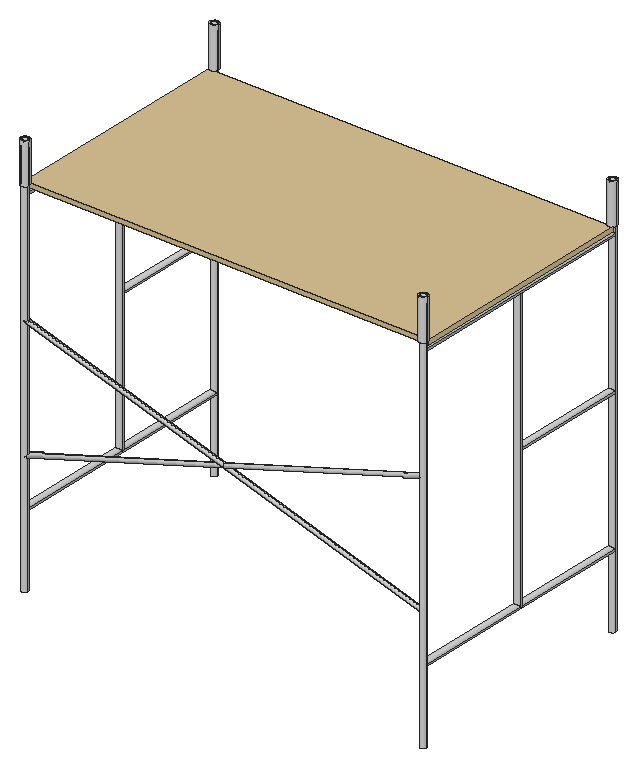
Revit family
Parameters (values of type "2500 x 2250 x 2500mm")
  Height = 2500 mm
  Length = 2500 mm
  Platform Height = 2250 mm
  Width = 1500 mm
Reference planes
  plane 1 "Center (Front/Back)": y = 0
  plane 2: z = 0
  plane 3 "Center (Left/Right)": x = 0
  plane 4: x = -1250
  plane 5: x = 1250
  plane 6: y = 750
  plane 7: y = -750
  plane 8: y = 730.95
  plane 9 "Outside": y = -730.95
  plane 10: x = -1230.95
  plane 11: x = 1230.95
  plane 12: z = 2500
  plane 13: z = 2250
  plane 14: z = 457.2
  plane 15: z = 2205.55
  plane 16: z = 1331.375
  plane 17: z = 2224.6
  plane 18: y = 711.9
  plane 19: y = -711.9
  plane 20: z = 1500
  plane 21: z = 750
Forms (mm)
  Extrusion 1, solid, material "Metal - Steel"
    sketch origin (0, 0, 0) x (1, 0, 0) y (0, 1, 0)
      loop
        circle (-1230.95, -730.95) r 19.05
      loop
        circle (-1230.95, 730.95) r 19.05
    from 0 to 2500
  Extrusion 2, solid, material "Metal - Steel"
    sketch origin (0, 0, 0) x (1, 0, 0) y (0, 0, 1)
      loop
        circle (-1230.95, 2205.55) r 19.05
      loop
        circle (-1230.95, 457.2) r 19.05
    from -730.95 to 730.95
  Extrusion 3, solid, material "Metal - Steel"
    sketch origin (0, 0, 0) x (1, 0, 0) y (0, 1, 0)
      loop
        circle (-1230.95, 0) r 19.05
    from 457.2 to 2205.55
  Extrusion 4, solid, material "Metal - Steel"
    sketch origin (0, 0, 0) x (1, 0, 0) y (0, 0, 1)
      loop
        circle (-1230.95, 1331.375) r 19.05
    from -730.95 to 0
  Extrusion 5, solid, material "Metal - Steel"
    sketch origin (0, 0, 0) x (1, 0, 0) y (0, 1, 0)
      loop
        circle (1230.95, -730.95) r 19.05
      loop
        circle (1230.95, 730.95) r 19.05
    from 0 to 2500
  Extrusion 6, solid, material "Metal - Steel"
    sketch origin (0, 0, 0) x (1, 0, 0) y (0, 0, 1)
      loop
        circle (1230.95, 2205.55) r 19.05
      loop
        circle (1230.95, 457.2) r 19.05
    from -730.95 to 730.95
  Extrusion 7, solid, material "Metal - Steel"
    sketch origin (0, 0, 0) x (1, 0, 0) y (0, 0, 1)
      loop
        circle (1230.95, 1331.375) r 19.05
    from -730.95 to 0
  Extrusion 8, solid, material "Metal - Steel"
    sketch origin (0, 0, 0) x (1, 0, 0) y (0, 1, 0)
      loop
        circle (1230.95, 0) r 19.05
    from 457.2 to 2205.55
  Extrusion 9, solid, material "Wood - Sheathing - plywood"
    sketch origin (0, 0, 0) x (1, 0, 0) y (0, 1, 0)
      loop
        line (-1250, 711.9) -> (-1250, -711.9) -> (1250, -711.9) -> (1250, 711.9) -> (-1250, 711.9)
    from 2224.6 to 2250
  Sweep 10, solid, material "Metal - Steel"
    path in 3D
      loop
        line (-1230.95, -730.95, 1500) -> (1230.95, -730.95, 750)
    profile origin (-313.617, -730.95, 95.541) x (-0.29142, 0, -0.956595) y (0, 1, 0)
      loop
        circle (-1076.17, 0) r 12.7
  Sweep 11, solid, material "Metal - Steel"
    path in 3D
      loop
        line (-1230.95, -730.95, 750) -> (1230.95, -730.95, 1500)
    profile origin (313.617, -730.95, 95.541) x (0.29142, 0, -0.956595) y (0, 1, 0)
      loop
        circle (-1076.17, 0) r 12.7
  Extrusion 12, solid, material "Metal - Steel"
    sketch origin (0, 0, 0) x (1, 0, 0) y (0, 1, 0)
      loop
        circle (1230.95, -730.95) r 25.4
      loop
        circle (1230.95, -730.95) r 19.05
      loop
        circle (1230.95, 730.95) r 19.05
      loop
        circle (1230.95, 730.95) r 25.4
      loop
        circle (-1230.95, 730.95) r 19.05
      loop
        circle (-1230.95, 730.95) r 25.4
      loop
        circle (-1230.95, -730.95) r 19.05
      loop
        circle (-1230.95, -730.95) r 25.4
    from 2250 to 2500
Lines and regions (mm)
  symbolic lines, style "Logistics"
    curve 1: line (-1250, 711.9, 0) -> (1250, 711.9, 0)
    curve 2: line (-1250, -711.9, 0) -> (-1250, 711.9, 0)
    curve 3: line (1250, -711.9, 0) -> (-1250, -711.9, 0)
    curve 4: line (1250, 711.9, 0) -> (1250, -711.9, 0)
  model lines, style "Logistics"
    curve 5: line (-1230.95, -730.95, 1500) -> (1230.95, -730.95, 750)
    curve 6: line (-1230.95, -730.95, 750) -> (1230.95, -730.95, 1500)
  sketch lines
    curve 7: line (-1230.95, -730.95, 1500) -> (1230.95, -730.95, 750)
    curve 8: line (-1230.95, -730.95, 750) -> (1230.95, -730.95, 1500)
Dimensions and locks
  "Length": plane 4 to plane 5
  equal spacing: plane 4, plane 3 "Center (Left/Right)", plane 5
  equal spacing: plane 7, plane 1 "Center (Front/Back)", plane 6
  "Width": plane 7 to plane 6
  plane 4 to plane 10 = 19.05 mm
  plane 11 to plane 5 = 19.05 mm
  plane 6 to plane 8 = 19.05 mm
  plane 9 "Outside" to plane 7 = 19.05 mm
  "Height": plane 12 to plane 2
  "Platform Height": plane 13 to plane 2
  plane 14 to plane 2 = 457.2 mm
  locked: plane 13 to plane 15 at 44.45
  equal spacing: plane 15, plane 16, plane 14
  plane 13 to plane 17 = 25.4 mm
  locked: plane 18 to plane 6 at 38.1
  locked: plane 7 to plane 19 at 38.1
  equal spacing: plane 13, plane 20, plane 21, plane 2
  locked: plane 9 "Outside" to Sweep 11 sketch curve
  locked: plane 9 "Outside" to Sweep 10 sketch curve
  radius of Sweep 11 sketch curve = 12.7 mm
  radius of Sweep 10 sketch curve = 12.7 mm
  aligned and locked: Extrusion 1 to plane 12
  aligned and locked: plane 8 to Extrusion 2
  aligned and locked: Extrusion 2 to plane 9 "Outside"
  aligned and locked: Extrusion 3 to plane 15
  aligned and locked: plane 14 to Extrusion 3
  aligned and locked: plane 8 to Extrusion 4
  aligned and locked: plane 1 "Center (Front/Back)" to Extrusion 4
  aligned and locked: Extrusion 5 to Extrusion 1
  aligned and locked: Extrusion 8 to plane 15
  aligned and locked: plane 14 to Extrusion 8
  aligned and locked: plane 8 to Extrusion 6
  aligned and locked: Extrusion 6 to plane 9 "Outside"
  aligned and locked: plane 8 to Extrusion 7
  aligned and locked: plane 1 "Center (Front/Back)" to Extrusion 7
  aligned and locked: plane 4 to curve 1
  aligned and locked: plane 18 to curve 1
  aligned and locked: plane 19 to curve 4
  aligned and locked: plane 5 to curve 4
  aligned and locked: curve 2 to Extrusion 9 sketch curve
  aligned and locked: Extrusion 9 sketch curve to curve 1
  aligned and locked: Extrusion 9 sketch curve to curve 3
  aligned and locked: Extrusion 9 sketch curve to curve 4
  aligned and locked: Extrusion 9 to plane 13
  aligned and locked: plane 17 to Extrusion 9
  aligned and locked: plane 10 to curve 5
  aligned and locked: plane 11 to curve 5
  aligned and locked: plane 10 to curve 6
  aligned and locked: plane 11 to curve 6
  aligned and locked: Extrusion 12 to Extrusion 1
  aligned and locked: plane 13 to Extrusion 12
Automatic sketch dimensions
  Extrusion 1 sketch curve to plane 8 = 0 mm
  Extrusion 1 sketch curve to plane 4 = 0 mm
  Extrusion 1 sketch curve to plane 9 "Outside" = 0 mm
  Extrusion 1 sketch curve to plane 10 = 0 mm  (x2)
  plane 4 to Extrusion 1 sketch curve = 0 mm
  Extrusion 2 sketch curve to plane 14 = 0 mm
  Extrusion 2 sketch curve to plane 4 = 0 mm
  Extrusion 2 sketch curve to plane 10 = 0 mm  (x2)
  Extrusion 2 sketch curve to plane 15 = 0 mm
  plane 4 to Extrusion 2 sketch curve = 0 mm
  Extrusion 3 sketch curve to plane 1 "Center (Front/Back)" = 0 mm
  Extrusion 3 sketch curve to plane 10 = 0 mm
  plane 4 to Extrusion 3 sketch curve = 0 mm
  Extrusion 4 sketch curve to plane 4 = 0 mm
  Extrusion 4 sketch curve to plane 10 = 0 mm
  Extrusion 4 sketch curve to plane 16 = 0 mm
  Extrusion 5 sketch curve to plane 9 "Outside" = 0 mm
  Extrusion 5 sketch curve to plane 8 = 0 mm
  Extrusion 5 sketch curve to plane 11 = 0 mm  (x2)
  Extrusion 5 sketch curve to plane 5 = 0 mm
  plane 11 to Extrusion 5 sketch curve = 19.05 mm
  Extrusion 6 sketch curve to plane 14 = 0 mm
  Extrusion 6 sketch curve to plane 15 = 0 mm
  Extrusion 6 sketch curve to plane 11 = 0 mm  (x2)
  Extrusion 6 sketch curve to plane 5 = 0 mm
  plane 11 to Extrusion 6 sketch curve = 19.05 mm
  Extrusion 7 sketch curve to plane 16 = 0 mm
  Extrusion 7 sketch curve to plane 11 = 0 mm
  plane 11 to Extrusion 7 sketch curve = 19.05 mm
  Extrusion 8 sketch curve to plane 1 "Center (Front/Back)" = 0 mm
  Extrusion 8 sketch curve to plane 11 = 0 mm
  Extrusion 8 sketch curve to plane 5 = 0 mm
  curve 6 to plane 21 = 0 mm
  curve 5 to plane 20 = 0 mm
  curve 6 to plane 20 = 0 mm
  curve 5 to plane 21 = 0 mm
  Extrusion 12 sketch curve to plane 9 "Outside" = 0 mm  (x4)
  Extrusion 12 sketch curve to plane 8 = 0 mm  (x4)
  Extrusion 12 sketch curve to plane 4 = 0 mm  (x2)
  Extrusion 12 sketch curve to plane 10 = 0 mm  (x4)
  Extrusion 12 sketch curve to plane 11 = 0 mm  (x4)
  Extrusion 12 sketch curve to plane 5 = 0 mm  (x2)
  plane 4 to Extrusion 12 sketch curve = 6.35 mm  (x2)
  Extrusion 12 sketch curve to Extrusion 12 sketch curve = 6.35 mm  (x2)
  Sweep 11 sketch curve to profile plane = 0 mm
  Sweep 10 sketch curve to profile plane = 0 mm
